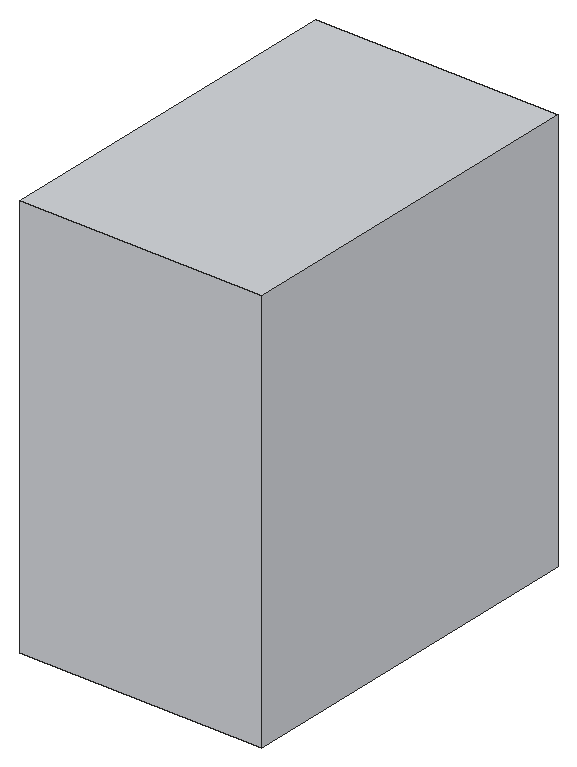
Revit family
Parameters
  Warranty Duration (Years) = 0
  Unit Width [instance] = 1' - 5 1/4"
  Unit Height [instance] = 4' - 8"
  Unit Depth = 0' - 0 1/4"
  URL = "http://www.americanspecialties.com/viewCategories.cfm"
  Trim Material = Metal - Stainless Steel
  Test Data = ""
  Specification = "http://www.arcat.com/sdspecs/htm/10810asi.htm"
  SpecWizard = ""
  Send Message = "http://www.arcat.com/users.pl?action=UserEmail&company=American%20Specialties,%20Inc.&coid=30448&rep=139&fax=914-476-0688&mf="
  Sales Information = "http://www.americanspecialties.com/contact"
  Revision = "R1_10-2010"
  Product Properties = "http://www.americanspecialties.com/datasheets/04692AC-9.pdf"
  Product Data = "http://www.arcat.com/arcatcos/cos30/arc30448.html"
  Model = "As Specified in 10 28 13"
  Manufacturer Website = "http://www.americanspecialties.com/viewCategories.cfm"
  Manufacturer Phone - Toll Free = ""
  Manufacturer Phone = "914-476-9000 "
  Manufacturer Fax = "914-476-0688"
  Manufacturer Address = "441 Saw Mill River Rd., Yonkers, NY 10701"
  Manufacturer = "American Specialties, Inc."
  Maintenance Schedule (Months) = 0
  Keynote = "10 28 13"
  Installation-Fabrication = "http://www.americanspecialties.com/products.cfm"
  Green Building-LEED = ""
  Expected Lifespan (Years) = 0
  Drawn By = "Robert S. Weygant. CSI, CDT, SCIP"  # constant formula
  Description = "Toilet Accessory as Specified in 10 28 13"
  Default Elevation = 4' - 0"
  Copyright = "©Arcat Inc."
  Construction Details = "http://www.arcat.com/green/clients/leed_data_30448.html"
  Building Codes = "http://www.americanspecialties.com/products.cfm"
  Body Material = Metal - Stainless Steel
  Assembly Code = "C1030210"
Reference planes (in)
  plane 1 "Center (Front/Back)": y = -0.29112
  plane 2 "Floor Line": z = 0
  plane 3 "Center (Left/Right)": x = -0.65843
Forms (in)
  Extrusion 1, solid
    sketch origin (-3, -9, -6) x (0, 0, -1) y (1, 0, 0)
      loop
        line (-82, 26) -> (-82, -19.34712) -> (-6, -19.34712) -> (-6, 26) -> (-82, 26)
    from 28.29112 to -41.06337
  Extrusion 2, solid, material "Metal - Stainless Steel" <- "Body Material"
    sketch origin (0, 0, 10) x (1, 0, 0) y (0, 1, 0)
      loop
        line (-8.28343, 26.70888) -> (-8.28343, -27.29112) -> (6.96657, -27.29112) -> (6.96657, 26.70888) -> (-8.28343, 26.70888)
    from 0 to -10
  Extrusion 3, solid, material "Metal - Stainless Steel" <- "Body Material"
    sketch origin (0, 7, 10) x (1, 0, 0) y (0, 1, 0)
      loop
        line (-5.68968, 6.70888) -> (-5.68968, 4.20888) -> (4.37282, 4.20888) -> (4.37282, 6.70888) -> (-5.68968, 6.70888)
      loop
        line (-5.43968, 6.45888) -> (-5.43968, 4.70888) -> (4.12282, 4.70888) -> (4.12282, 6.45888) -> (-5.43968, 6.45888)
    from 0 to -10
  Extrusion 4, solid, material "Metal - Stainless Steel" <- "Body Material"
    sketch origin (0, 0, 10) x (1, 0, 0) y (0, 1, 0)
      loop
        line (-9.28343, 27.70888) -> (-9.28343, -28.29112) -> (7.96657, -28.29112) -> (7.96657, 27.70888) -> (-9.28343, 27.70888)
      loop
        line (-8.28343, 26.70888) -> (-8.28343, -27.29112) -> (6.96657, -27.29112) -> (6.96657, 26.70888) -> (-8.28343, 26.70888)
    from 0 to 0.25
  Extrusion 5, solid, material "Metal - Stainless Steel" <- "Body Material"
    sketch origin (0, 0, 10) x (1, 0, 0) y (0, 1, 0)
      loop
        line (-8.28343, 26.70888) -> (-8.28343, 13.70888) -> (6.96657, 13.70888) -> (6.96657, 26.70888) -> (-8.28343, 26.70888)
    from 0 to 0.25
  Extrusion 6, solid, material "Metal - Stainless Steel" <- "Body Material"
    sketch origin (0, 0, 10) x (1, 0, 0) y (0, 1, 0)
      loop
        line (6.96657, -4.29112) -> (-8.28343, -4.29112) -> (-8.28343, -27.29112) -> (6.96657, -27.29112) -> (6.96657, -4.29112)
    from -10 to 1.75
  Extrusion 7, void
    sketch origin (-0.65843, 0, 10) x (0, 1, 0) y (0, 0, 1)
      loop
        line (13.70888, -9.75) -> (13.70888, 1.75) -> (-4.29112, 1.75) -> (-4.29112, -9.75) -> (13.70888, -9.75)
    from -7.61046 to 7.59319
  Extrusion 8, solid, material "Metal - Stainless Steel" <- "Body Material"
    sketch origin (0, 0, 4) x (1, 0, 0) y (0, 1, 0)
      loop
        line (7.96657, -28.29112) -> (7.96657, 27.70888) -> (-9.28343, 27.70888) -> (-9.28343, -28.29112) -> (7.96657, -28.29112)
      loop
        line (-8.28343, 26.70888) -> (-8.28343, -27.29112) -> (6.96657, -27.29112) -> (6.96657, 26.70888) -> (-8.28343, 26.70888)
    from -4 to 6
  Extrusion 9, void
    sketch origin (0, 0, 0) x (1, 0, 0) y (0, 1, 0)
      loop
        line (-8.26889, -4.29112) -> (-8.26889, -27.19575) -> (6.93476, -27.19575) -> (6.93476, -4.29112) -> (-8.26889, -4.29112)
    from 0.03827 to 11.71409
  Extrusion 10, solid, material "Metal - Stainless Steel" <- "Trim Material"
    sketch origin (-1.31687, 0, 9.3125) x (-1, 0, 0) y (0, -1, 0)
      loop
        circle (5.37282, -20.33388) r 0.5
      loop
        line (5.316, -19.91524) -> (5.316, -20.76475) -> (5.42963, -20.76475) -> (5.42963, -19.91524) -> (5.316, -19.91524)
    from 0.9375 to 1
  Extrusion 11, solid
    sketch origin (0, 0, 0) x (1, 0, 0) y (0, 1, 0)
      loop
        circle (-0.66707, -3.79112) r 0.5
      loop
        line (-0.61025, -4.20976) -> (-0.61025, -3.36025) -> (-0.72388, -3.36025) -> (-0.72388, -4.20976) -> (-0.61025, -4.20976)
    from 0 to 0.25
Cuts and joins
  Extrusion 7, Extrusion 9 cuts Extrusion 2
  Extrusion 9 cuts Extrusion 8
  Extrusion 7, Extrusion 9 cuts Extrusion 6
Dimensions and locks (in)
  aligned and locked: Extrusion 1 to level
  aligned and locked: Extrusion 4 to Extrusion 5
